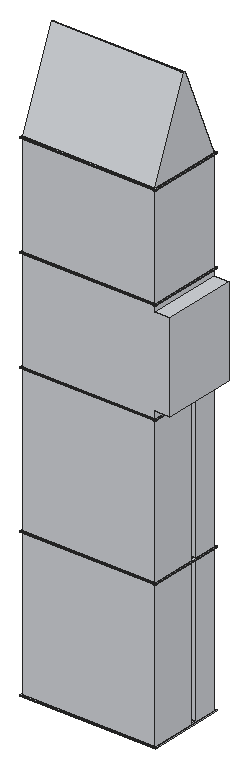
Revit family "19.Воздушная завеса с электрическим подогревом PWZ на базе вентилятора WRP", category Оборудование, Revit 2016
Family settings
  Тип детали = Нормальный
  Размер круглого соединителя = Использовать диаметр
  На основе рабочей плоскости = Нет
  Всегда вертикально = Да
  При загрузке вырезать с полостями = Нет
  Общий = Нет
  Точка расчета площади = Нет
Parameters (values of type "90-50")
  х2 = И1 / 2  # 1000 mm
  х1 = х * 0.5  # 701.05 mm
  х = И2 * 0.7  # 1402.1 mm
  отступ = х2 * 0.05  # 50 mm
  ножки(да/нет) [instance] = no
  Ширина щели = 42 mm  # constant formula
  Ширина = А  # 900 mm
  Частотный преобразователь [instance] = no
  Частота вращения n, об/мин = ""
  Ток эл. нагревателя, А = "67.6"
  Тип, марка, обозначение = "PWZ 90-50 E"
  Сила тока J, А = "10.7"
  Регулятор расхода [instance] = no
  Раздел = "ОВ"
  Примечание = ""
  Позиция = ""
  Напряжение U,В = "3-380"
  Наименование и тех.хар-ка = "Воздушная завеса с электрическим подогревом"  # constant formula
  Мощность, кВт = 45 W
  Мощность двигателя N,Вт = "5500"
  Материал = Сталь серая
  Масса единицы = ""
  Макс. расход воздуха м3/ч = ""
  Макс. полное давление, Па = ""
  И2 = 2003 mm
  Код, оборудования = ""
  Ключевая пометка = "Вентиляция"
  И1 = 2000 mm
  Задание электрикам [instance] = no
  Задание автоматчикам [instance] = no
  Завод изготовитель = "KORF"  # constant formula
  Единица измерения = "шт."  # constant formula
  Высота = Б  # 500 mm
  Б1 = Б * 0.3  # 150 mm
  Б = 500 mm
  А = 900 mm
  z = х * 0.17  # 238.357 mm
  d = И2 * 0.15  # 300.45 mm
  D = И2 * 0.2  # 400.6 mm
Types (6, lengths in mm): name | х1 | х | Ширина | Ток эл. нагревателя, А | Тип, марка, обозначение | Сила тока J, А | Мощность, кВт | Мощность двигателя N,Вт | И2 | Высота | Б1 | Б | А | z | d | D
  60-30 | 525.7 | 1051.4 | 600 | "22,6" | "PWZ 60-30 E" | "2.5" | 15 W | "1100" | 1502 | 300 | 90 | 300 | 600 | 178.738 | 225.3 | 300.4
  60-35 | 567.7 | 1135.4 | 600 | "33.9" | "PWZ 60-35 E" | "3,45" | 22.5 W | "1500" | 1622 | 350 | 105 | 350 | 600 | 193.018 | 243.3 | 324.4
  70-40 M | 560.7 | 1121.4 | 700 | "45.1" | "PWZ 70-40 M E" | "3,45" | 30 W | "1500" | 1602 | 400 | 120 | 400 | 700 | 190.638 | 240.3 | 320.4
  70-40 | 560.7 | 1121.4 | 700 | "45.1" | "PWZ 70-40 E" | "5.9" | 30 W | "3" | 1602 | 400 | 120 | 400 | 700 | 190.638 | 240.3 | 320.4
  80-50 | 604.45 | 1208.9 | 800 | "45.1" | "PWZ 80-50 E" | "5.9" | 30 W | "3000" | 1727 | 500 | 150 | 500 | 800 | 205.513 | 259.05 | 345.4
  90-50 | 701.05 | 1402.1 | 900 | "67.6" | "PWZ 90-50 E" | "10.7" | 45 W | "5500" | 2003 | 500 | 150 | 500 | 900 | 238.357 | 300.45 | 400.6
Reference planes
  plane 1 "По центру (Вперед/Назад)": y = 0
  plane 2: z = 0
  plane 3 "По центру (Влево/Вправо)": x = 0
  plane 4: x = -450
  plane 5: x = 450
  plane 6: y = 250
  plane 7: y = -250
  plane 8: z = 2000
  plane 9: z = 4003
  plane 10: z = 3402.1
  plane 11: z = 1000
  plane 12: y = 100
  plane 13: y = 58
  plane 14: x = 410
  plane 15: x = -410
  plane 16: z = 2701.05
  plane 17: z = 2651.05
  plane 18: z = 2050
  plane 19: x = 550
  plane 20: x = 310
  plane 21: z = 3352.1
  plane 22: z = 3252.1
  plane 23: z = 2939.407
  plane 24: y = 300
Forms (mm)
  Extrusion 1, void, not visible
    sketch origin (-345, -245, 50) x (0, -1, 0) y (0, 0, -1)
      loop
        line (-477.965, -475) -> (-477.965, -450) -> (-528.913, -450) -> (-528.913, -475) -> (-477.965, -475)
    from -47.452 to 12
  Extrusion 2, solid
    sketch origin (0, 0, 0) x (1, 0, 0) y (0, 1, 0)
      loop
        line (-450, 250) -> (-450, -250) -> (450, -250) -> (450, 250) -> (-450, 250)
    from 1000 to 2000
  Extrusion 3, solid
    sketch origin (10, 0, 305.382) x (1, 0, 0) y (0, 0, 1)
      loop
        line (-460, 3096.718) -> (-460, 2395.668) -> (440, 2395.668) -> (440, 3096.718) -> (-460, 3096.718)
    from -250 to 250
  Extrusion 4, solid
    sketch origin (0, 0, 0) x (1, 0, 0) y (0, 0, 1)
      loop
        line (-450, 1000) -> (-450, 0) -> (450, 0) -> (450, 1000) -> (-450, 1000)
    from -250 to 250
  Extrusion 5, solid
    sketch origin (0, 0, 0) x (0, 1, 0) y (0, 0, 1)
      loop
        line (250, 3402.1) -> (3.883, 4003) -> (0, 4003) -> (-3.883, 4003) -> (-250, 3402.1) -> (250, 3402.1)
    from -450 to 450
  Sweep 6, solid
    path in 3D
      loop
        line (450, -250, 0) -> (450, 250, 0) -> (-450, 250, 0) -> (-450, -250, 0) -> (450, -250, 0)
    profile origin (0, -250, 0) x (0, -1, 0) y (0, 0, -1)
      loop
        line (0, 0) -> (0, -5) -> (10, -5) -> (10, 0) -> (0, 0)
  Sweep 7, solid
    path in 3D
      loop
        line (-450, -250, 1000) -> (-450, 250, 1000) -> (450, 250, 1000) -> (450, -250, 1000) -> (-450, -250, 1000)
    profile origin (0, -250, 1000) x (0, -1, 0) y (0, 0, 1)
      loop
        line (10, -5) -> (10, -1.078) -> (8.696, 0) -> (10, 1.304) -> (10, 5) -> (0, 5) -> (0, 0) -> (0, -5) -> (10, -5)
  Sweep 8, solid
    path in 3D
      loop
        line (450, -250, 2701.05) -> (450, 250, 2701.05) -> (-450, 250, 2701.05) -> (-450, -250, 2701.05) -> (450, -250, 2701.05)
    profile origin (0, -250, 2701.05) x (0, -1, 0) y (0, 0, -1)
      loop
        line (0, -5) -> (10, -5) -> (10, -1.61) -> (8.39, 0) -> (10, 1.61) -> (10, 5) -> (0, 5) -> (0, 0) -> (0, -5)
  Sweep 9, solid
    path in 3D
      loop
        line (-450, -250, 3402.1) -> (-450, 250, 3402.1) -> (450, 250, 3402.1) -> (450, -250, 3402.1) -> (-450, -250, 3402.1)
    profile origin (0, -250, 3402.1) x (0, 1, 0) y (0, 0, -1)
      loop
        line (0, 5) -> (-10, 5) -> (-10, 1.71) -> (-8.29, 0) -> (-10, -1.71) -> (-10, -5) -> (3.254, -5) -> (0, 0.01) -> (0, 5)
  Extrusion 10, void
    sketch origin (0, 0, 0) x (0, 1, 0) y (0, 0, 1)
      loop
        line (58, 2000) -> (58, 5) -> (100, 5) -> (100, 2000) -> (58, 2000)
    from 410 to 450
  Extrusion 11, void
    sketch origin (0, 0, 0) x (0, 1, 0) y (0, 0, -1)
      loop
        line (58, -2000) -> (100, -2000) -> (100, -5) -> (58, -5) -> (58, -2000)
    from 410 to 450
  Extrusion 12, solid
    sketch origin (0, 0, 0) x (1, 0, 0) y (0, 0, 1)
      loop
        line (-450, 2701.05) -> (-450, 2000) -> (450, 2000) -> (450, 2701.05) -> (-450, 2701.05)
    from -250 to 250
  Sweep 13, solid
    path in 3D
      loop
        line (-450, 250, 2000) -> (-450, -250, 2000) -> (450, -250, 2000) -> (450, 250, 2000) -> (-450, 250, 2000)
    profile origin (0, 250, 2000) x (0, 1, 0) y (0, 0, -1)
      loop
        line (0, -3.024) -> (10, -3.024) -> (10, -1.125) -> (9.212, 0) -> (10, 1.265) -> (10, 3.024) -> (0, 3.024) -> (0, 0) -> (0, -3.024)
  Extrusion 14, solid
    sketch origin (0, 0, 0) x (1, 0, 0) y (0, 0, 1)
      loop
        line (450, 2651.05) -> (450, 2050) -> (550, 2050) -> (550, 2651.05) -> (450, 2651.05)
    from -250 to 250
  Blend 15, solid
    base sketch origin (0, 0, 0) x (1, 0, 0) y (0, 0, 1)
      loop
        circle (0, 2939.407) r 200.3
    top sketch origin (0, 0, 0) x (1, 0, 0) y (0, 0, 1)
      loop
        circle (0, 2939.407) r 150.225
    from -250 to -300
  Extrusion 16, solid
    sketch origin (0, 0, 0) x (1, 0, 0) y (0, 0, 1)
      loop
        line (410, 3352.1) -> (310, 3352.1) -> (310, 3252.1) -> (410, 3252.1) -> (410, 3352.1)
    from -250 to -300
Cuts and joins
  joined: Extrusion 5, Sweep 9
  Extrusion 10, Extrusion 11 cuts Extrusion 4
  Extrusion 10, Extrusion 11 cuts Extrusion 2
  Extrusion 11 cuts Extrusion 3
  Extrusion 11 cuts Sweep 6
  Extrusion 11 cuts Sweep 7
  Extrusion 11 cuts Sweep 8
  joined: Extrusion 12, Extrusion 14
Lines and regions (mm)
  sketch lines
    curve 1: line (-450, -250, 0) -> (450, -250, 0)
    curve 2: line (450, -250, 0) -> (450, 250, 0)
    curve 3: line (450, 250, 0) -> (-450, 250, 0)
    curve 4: line (-450, -250, 0) -> (-450, 250, 0)
    curve 5: line (450, -250, 1000) -> (-450, -250, 1000)
    curve 6: line (450, -250, 1000) -> (450, 250, 1000)
    curve 7: line (-450, 250, 1000) -> (450, 250, 1000)
    curve 8: line (-450, -250, 1000) -> (-450, 250, 1000)
    curve 9: line (-450, -250, 2701.05) -> (450, -250, 2701.05)
    curve 10: line (450, -250, 2701.05) -> (450, 250, 2701.05)
    curve 11: line (450, 250, 2701.05) -> (-450, 250, 2701.05)
    curve 12: line (-450, -250, 2701.05) -> (-450, 250, 2701.05)
    curve 13: line (450, -250, 3402.1) -> (-450, -250, 3402.1)
    curve 14: line (450, -250, 3402.1) -> (450, 250, 3402.1)
    curve 15: line (450, 250, 3402.1) -> (-450, 250, 3402.1)
    curve 16: line (-450, 250, 3402.1) -> (-450, -250, 3402.1)
    curve 17: line (450, 250, 2000) -> (-450, 250, 2000)
    curve 18: line (-450, -250, 2000) -> (-450, 250, 2000)
    curve 19: line (-450, -250, 2000) -> (450, -250, 2000)
    curve 20: line (450, -250, 2000) -> (450, 250, 2000)
Dimensions and locks
  equal spacing: plane 6, plane 1 "По центру (Вперед/Назад)", plane 7
  "Б": plane 6 to plane 7
  equal spacing: plane 4, plane 3 "По центру (Влево/Вправо)", plane 5
  "А": plane 4 to plane 5
  "И1": plane 8 to level
  "И2": plane 9 to plane 8
  "х": plane 10 to plane 8
  "х2": plane 11 to level
  "Б1": plane 12 to plane 6
  "Ширина щели": plane 13 to plane 12
  locked: plane 4 to plane 15 at 40
  locked: plane 14 to plane 5 at 40
  "х1": plane 16 to plane 8
  "отступ": plane 18 to plane 8
  "отступ": plane 16 to plane 17
  locked: plane 19 to plane 5 at 100
  locked: plane 21 to plane 10 at 50
  locked: plane 22 to plane 10 at 150
  locked: plane 14 to plane 20 at 100
  "z": plane 16 to plane 23
  locked: plane 6 to plane 24 at 50
  "D": diameter of Blend 15 sketch curve
  "d": diameter of Blend 15 sketch curve
  aligned and locked: level to plane 2
  aligned and locked: Extrusion 2 to plane 4
  aligned and locked: Extrusion 2 to plane 7
  aligned and locked: plane 5 to Extrusion 2
  aligned and locked: plane 6 to Extrusion 2
  aligned and locked: plane 8 to Extrusion 2
  aligned and locked: Extrusion 3 to plane 4
  aligned and locked: plane 5 to Extrusion 3
  aligned and locked: plane 10 to Extrusion 3
  aligned and locked: Extrusion 2 to Extrusion 3
  aligned and locked: Extrusion 3 to Extrusion 2
  aligned and locked: Extrusion 2 to plane 11
  aligned and locked: plane 5 to Extrusion 4
  aligned and locked: Extrusion 4 to plane 4
  aligned and locked: Extrusion 4 to level
  aligned and locked: plane 11 to Extrusion 4
  aligned and locked: Extrusion 4 to Extrusion 2  (x2)
  aligned and locked: Extrusion 5 to Extrusion 2  (x2)
  aligned and locked: Extrusion 2 to Extrusion 10  (x2)
  aligned and locked: plane 12 to Extrusion 10
  aligned and locked: plane 13 to Extrusion 10
  aligned and locked: Extrusion 10 to plane 14
  aligned and locked: plane 12 to Extrusion 11
  aligned and locked: plane 13 to Extrusion 11
  aligned and locked: Extrusion 2 to Extrusion 11
  aligned and locked: Extrusion 11 to cut or joined group of Sweep 6, Extrusion 11
  aligned and locked: Extrusion 10 to cut or joined group of Sweep 6, Extrusion 11
  aligned and locked: Extrusion 3 to plane 16
  aligned and locked: plane 15 to Extrusion 11
  aligned and locked: Extrusion 12 to plane 4
  aligned and locked: plane 5 to Extrusion 12
  aligned and locked: Extrusion 12 to plane 8
  aligned and locked: Extrusion 12 to cut or joined group of Extrusion 3, Extrusion 11
  aligned and locked: Extrusion 12 to plane 7
  aligned and locked: plane 6 to Extrusion 12
  aligned and locked: Extrusion 14 to plane 17
  aligned and locked: plane 18 to Extrusion 14
  aligned and locked: plane 19 to Extrusion 14
  aligned and locked: Extrusion 14 to plane 5
  aligned and locked: Extrusion 14 to plane 7
  aligned and locked: plane 6 to Extrusion 14
  aligned and locked: plane 21 to Extrusion 16
  aligned and locked: plane 20 to Extrusion 16
  aligned and locked: Extrusion 16 to plane 22
  aligned and locked: Extrusion 16 to plane 14
  aligned and locked: plane 24 to Extrusion 16
  aligned and locked: Extrusion 16 to plane 6
  aligned and locked: plane 6 to Blend 15
  aligned and locked: Blend 15 to Extrusion 16
Automatic sketch dimensions
  Extrusion 2 sketch curve to plane 4 = 0 mm
  Extrusion 2 sketch curve to plane 5 = 0 mm
  Extrusion 2 sketch curve to plane 7 = 0 mm
  Extrusion 2 sketch curve to plane 6 = 0 mm
  plane 4 to Extrusion 3 sketch curve = 0 mm
  plane 5 to Extrusion 3 sketch curve = 0 mm
  plane 8 to Extrusion 3 sketch curve = 701.05 mm
  plane 10 to Extrusion 3 sketch curve = 0 mm
  Extrusion 4 sketch curve to level = 0 mm
  Extrusion 4 sketch curve to plane 4 = 0 mm
  Extrusion 4 sketch curve to plane 5 = 0 mm
  Extrusion 4 sketch curve to plane 11 = 0 mm
  Extrusion 5 sketch curve to plane 7 = 0 mm
  Extrusion 5 sketch curve to plane 9 = 0 mm
  Extrusion 5 sketch curve to plane 1 "По центру (Вперед/Назад)" = 0 mm
  Extrusion 5 sketch curve to plane 6 = 0 mm
  Extrusion 5 sketch curve to plane 10 = 0 mm
  plane 1 "По центру (Вперед/Назад)" to Extrusion 5 sketch curve = 3.883 mm
  Extrusion 5 sketch curve to plane 1 "По центру (Вперед/Назад)" = 3.883 mm
  Sweep 6 sketch curve to profile plane = 0 mm
  profile plane to Sweep 6 sketch curve = 0 mm
  Sweep 6 sketch curve to profile plane = 10 mm
  Sweep 6 sketch curve to profile plane = 5 mm
  Sweep 7 sketch curve to profile plane = 0 mm  (x3)
  Sweep 7 sketch curve to profile plane = 8.696 mm
  Sweep 7 sketch curve to Sweep 7 sketch curve = 1.304 mm  (x2)
  Sweep 7 sketch curve to profile plane = 1.078 mm
  Sweep 7 sketch curve to Sweep 7 sketch curve = 3.922 mm
  profile plane to Sweep 7 sketch curve = 1.304 mm
  profile plane to Sweep 7 sketch curve = 5 mm
  Sweep 8 sketch curve to profile plane = 0 mm
  profile plane to Sweep 8 sketch curve = 0 mm  (x2)
  Sweep 8 sketch curve to profile plane = 8.39 mm
  Sweep 8 sketch curve to Sweep 8 sketch curve = 1.61 mm  (x2)
  Sweep 8 sketch curve to profile plane = 1.61 mm
  Sweep 8 sketch curve to profile plane = 5 mm
  Sweep 8 sketch curve to Sweep 8 sketch curve = 3.39 mm
  profile plane to Sweep 9 sketch curve = 0 mm
  Sweep 9 sketch curve to profile plane = 0 mm
  profile plane to Sweep 9 sketch curve = 8.29 mm
  Sweep 9 sketch curve to Sweep 9 sketch curve = 1.71 mm  (x2)
  Sweep 9 sketch curve to profile plane = 3.254 mm
  Sweep 9 sketch curve to profile plane = 1.71 mm
  Sweep 9 sketch curve to profile plane = 5 mm
  profile plane to Sweep 9 sketch curve = 0.01 mm
  Sweep 9 sketch curve to Sweep 9 sketch curve = 4.99 mm
  level to Extrusion 10 sketch curve = 5 mm
  Extrusion 10 sketch curve to plane 13 = 0 mm
  Extrusion 10 sketch curve to plane 12 = 0 mm
  Extrusion 10 sketch curve to plane 8 = 0 mm
  level to Extrusion 11 sketch curve = 5 mm
  Extrusion 11 sketch curve to plane 13 = 0 mm
  Extrusion 11 sketch curve to plane 12 = 0 mm
  Extrusion 11 sketch curve to plane 8 = 0 mm
  Extrusion 12 sketch curve to plane 15 = 40 mm
  plane 14 to Extrusion 12 sketch curve = 40 mm
  plane 8 to Extrusion 12 sketch curve = 0 mm
  Extrusion 12 sketch curve to plane 16 = 0 mm
  Sweep 13 sketch curve to profile plane = 3.024 mm
  Sweep 13 sketch curve to Sweep 13 sketch curve = 10 mm
  Sweep 13 sketch curve to profile plane = 1.125 mm
  profile plane to Sweep 13 sketch curve = 3.024 mm
  profile plane to Sweep 13 sketch curve = 1.265 mm
  Sweep 13 sketch curve to Sweep 13 sketch curve = 0 mm
  Sweep 13 sketch curve to profile plane = 0 mm
  profile plane to Sweep 13 sketch curve = 0 mm  (x2)
  Sweep 13 sketch curve to Sweep 13 sketch curve = 0.788 mm
  Extrusion 14 sketch curve to plane 19 = 0 mm
  plane 5 to Extrusion 14 sketch curve = 0 mm
  plane 18 to Extrusion 14 sketch curve = 0 mm
  Extrusion 14 sketch curve to plane 17 = 0 mm
  plane 20 to Extrusion 16 sketch curve = 0 mm
  Extrusion 16 sketch curve to plane 14 = 0 mm
  plane 22 to Extrusion 16 sketch curve = 0 mm
  Extrusion 16 sketch curve to plane 21 = 0 mm
  Blend 15 sketch curve to plane 3 "По центру (Влево/Вправо)" = 0 mm  (x2)
  Blend 15 sketch curve to plane 23 = 0 mm  (x2)
Nested families
  nested 1: "крепление 15мм" at (-330, 229.965, 495), type "крепление 15мм", not visible
Connectors
  hvac at (0, 0, 0), driven by "Ширина", driven by "Высота"
    settings: on Extrusion 4, index 1, duct flow 0.0 L/s, flow factor 0, pres drop 0.0 Pa, loss coef 0, conn angle 0.00°, conn width 900 mm, conn height 500 mm, conn diameter 609.6 mm, duct sys type 28, conn prof type 1, flow config 0, flow direction 0, loss method 0, conn ref index -1, conn util no, is conn primary yes, conn desc ""
Definition of nested family "крепление 15мм"
  Parameters (values of type "крепление 15мм")
    Материал крепления = none
  Reference planes
    plane 1 "По центру (Вперед/Назад)": y = 0
    plane 2: z = 0
    plane 3 "По центру (Влево/Вправо)": x = 0
  Forms (mm)
    Extrusion 1, solid, material <- "Материал крепления"
      sketch origin (0, 0, 0) x (1, 0, 0) y (0, 1, 0)
        loop
          line (-25, 0) -> (0, 0) -> (0, 18.31) -> (0, 25) -> (-3, 25) -> (-3, 3) -> (-25, 3) -> (-25, 0)
      from 0 to 30
    Extrusion 2, void
      sketch origin (0, 0, 0) x (1, 0, 0) y (0, 1, 0)
        loop
          line (-3, 3) -> (-3, 54.96) -> (-58, 54.96) -> (-58, 3) -> (-3, 3)
      from 0 to 15
  Cuts and joins
    Extrusion 2 cuts Extrusion 1
  Dimensions and locks
    Extrusion 1 sketch curve to Extrusion 1 sketch curve = 3 mm  (x2)
    Extrusion 1 sketch curve to Extrusion 1 sketch curve to plane 3 "По центру (Влево/Вправо)" = 25 mm, 0 mm
    Extrusion 1 sketch curve to Extrusion 1 sketch curve = 25 mm
    aligned and locked: level to plane 2
